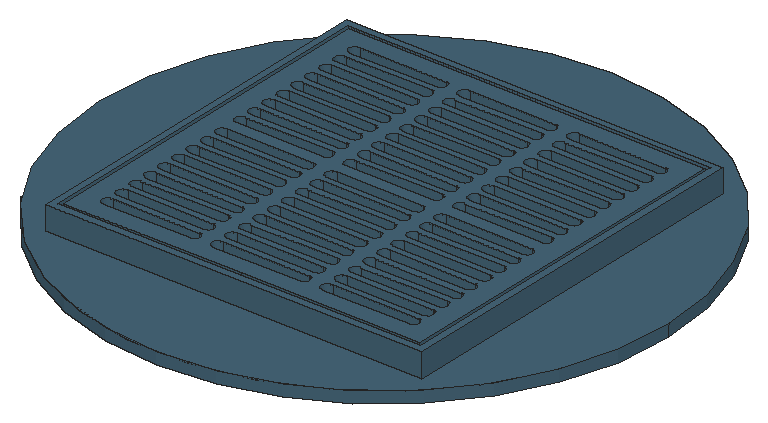
Revit family "Drain_Floor_Parking Deck_15_Inch_Diameter_Zurn-Z537-Heavy-Duty-1", category Plumbing Fixtures, Revit 2022
Family settings
  Round Connector Dimension = Use Radius
  Part Type = Normal
  OmniClass Number = 23.70.50.21.24.14
  OmniClass Title = Deck Waste Water Drains
  Work Plane-Based = No
  Always vertical = Yes
  Cut with Voids When Loaded = No
  Maintain Annotation Orientation = No
  Shared = No
  Room Calculation Point = No
Parameters (values of type "Load Family Type Catalog")
  ZN Height Difference = 0.188"
  Width = 24.000"  # constant formula
  Waste Connection = 1 = 1  # yes
  WFU = 0  # constant formula
  Vent Connection = 1 = 0  # no
  URL = "www.zurn.com"
  Type Comments = "Z537-2 Inch Neo-Loc Outlet"
  Top Diameter = 15.875"  # constant formula
  Product data URL = "https://www.bimobject.com/en-in/zurnindustries/product/zurn-z537"
  Product Page URL = "https://www.zurn.com/products/drainage-interceptors/floor-drains/parking-deck/z537"
  Product Documentation Link = "https://files.zurn.com/spec-sheets/z537.pdf"
  Pipe Size_A Outer Diameter = 2.375"
  Modified Date = "11/28/2025"  # constant formula
  Model = "Z537"  # constant formula
  Manufacturer Brand = "Zurn"  # constant formula
  Manufacturer = "Zurn Water, LLC"  # constant formula
  Main Material = Iron - Zurn -Cast - Painted - Blue
  HWFU = 1  # constant formula
  HW Connection = 1 = 0  # no
  Grate Open Area Sq.in = 79.000"  # constant formula
  Frame Height = 1.500"
  Frame & Grate = Iron - Zurn -Cast - Painted - Blue
  Description = "15-7/8 [403] SQUARE TOP HEAVY-DUTY PARKING DECK DRAIN W/ SUPPORT FLANGE"  # constant formula
  Date Created = "11/13/2018"  # constant formula
  CWFU = 1  # constant formula
  CW Connection = 1 = 0  # no
  Body Height_E = 4.625"
  Default Elevation = 0.000"
  Pipe Size_A Inside Diameter = 2.067"
  Connector Radius = Pipe Size_A Nominal Diameter / 2  # 1.000"
  Pipe Size_A Nominal Diameter = 2.000"
  Assembly Code = "D2030300"
  Approx. Wt. Lbs. = 122.000"
Reference planes (in)
  plane 1 "Center (Front/Back)": y = 0
  plane 2: z = 0
  plane 3 "Center (Left/Right)": x = 0
  plane 4: z = -4.39251
  plane 5: x = 12
  plane 6: x = -12
  plane 7: z = -1
  plane 8: z = -1.5
  plane 9: z = -6.125
  plane 10: x = 7.9375
  plane 11: x = -7.9375
  plane 12: y = -7.9375
  plane 13: y = 7.9375
  plane 14: x = -7.5
  plane 15: x = 7.5
  plane 16: y = -7.5
  plane 17: y = 7.5
  plane 18: x = 6.25
  plane 19 "Outlet Plane_1": x = -1.1875
  plane 20 "outlet Plane_2": x = 1.1875
  plane 21: y = 5.4375
  plane 22: y = 5
  plane 23: y = 2.5
  plane 24: y = -2.5
  plane 25: y = -5
  plane 26: y = -6.25
  plane 27: y = 3.75
  plane 28: y = 6.25
  plane 29: y = -3.75
  plane 30: y = 1.25
  plane 31: y = -1.25
  plane 32: y = 1.1875
  plane 33: y = -1.1875
  plane 34: x = -6.25
  plane 35: x = -5
  plane 36: x = -2.5
  plane 37: x = 0
  plane 38: x = 1.25
  plane 39: x = 3.75
  plane 40: x = 5
  plane 41: x = 2.5
  plane 42: x = -3.75
  plane 43: x = -1.25
Forms (in)
  Extrusion 1, solid, material "Iron - Zurn -Cast - Painted - Blue" <- "Frame & Grate", detail levels fine
    sketch origin (0, 0, 0) x (0, -1, 0) y (1, 0, 0)
      loop
        line (7.5, 7.5) -> (-7.5, 7.5) -> (-7.5, 0) -> (-7.5, -7.5) -> (7.5, -7.5) -> (7.5, 0) -> (7.5, 7.5)
      loop
        line (6.75, -6.43747) -> (6.75, -2.81247)
        arc (6.75, -2.81247) -> (6.5, -2.56247) -> (6.25, -2.81247) r 0.25
        line (6.25, -2.81247) -> (6.25, -6.43747)
        arc (6.25, -6.43747) -> (6.5, -6.68747) -> (6.75, -6.43747) r 0.25
      loop
        line (6.75, -1.8125) -> (6.75, 1.8125)
        arc (6.75, 1.8125) -> (6.5, 2.0625) -> (6.25, 1.8125) r 0.25
        line (6.25, 1.8125) -> (6.25, -1.8125)
        arc (6.25, -1.8125) -> (6.5, -2.0625) -> (6.75, -1.8125) r 0.25
      loop
        line (6.75, 2.81247) -> (6.75, 6.43747)
        arc (6.75, 6.43747) -> (6.5, 6.68747) -> (6.25, 6.43747) r 0.25
        line (6.25, 6.43747) -> (6.25, 2.81247)
        arc (6.25, 2.81247) -> (6.5, 2.56247) -> (6.75, 2.81247) r 0.25
      loop
        line (6, -6.43747) -> (6, -2.81247)
        arc (6, -2.81247) -> (5.75, -2.56247) -> (5.5, -2.81247) r 0.25
        line (5.5, -2.81247) -> (5.5, -6.43747)
        arc (5.5, -6.43747) -> (5.75, -6.68747) -> (6, -6.43747) r 0.25
      loop
        line (6, -1.8125) -> (6, 1.8125)
        arc (6, 1.8125) -> (5.75, 2.0625) -> (5.5, 1.8125) r 0.25
        line (5.5, 1.8125) -> (5.5, -1.8125)
        arc (5.5, -1.8125) -> (5.75, -2.0625) -> (6, -1.8125) r 0.25
      loop
        line (6, 2.81247) -> (6, 6.43747)
        arc (6, 6.43747) -> (5.75, 6.68747) -> (5.5, 6.43747) r 0.25
        line (5.5, 6.43747) -> (5.5, 2.81247)
        arc (5.5, 2.81247) -> (5.75, 2.56247) -> (6, 2.81247) r 0.25
      loop
        line (5.25, -6.43747) -> (5.25, -2.81247)
        arc (5.25, -2.81247) -> (5, -2.56247) -> (4.75, -2.81247) r 0.25
        line (4.75, -2.81247) -> (4.75, -6.43747)
        arc (4.75, -6.43747) -> (5, -6.68747) -> (5.25, -6.43747) r 0.25
      loop
        line (5.25, -1.8125) -> (5.25, 1.8125)
        arc (5.25, 1.8125) -> (5, 2.0625) -> (4.75, 1.8125) r 0.25
        line (4.75, 1.8125) -> (4.75, -1.8125)
        arc (4.75, -1.8125) -> (5, -2.0625) -> (5.25, -1.8125) r 0.25
      loop
        line (5.25, 2.81247) -> (5.25, 6.43747)
        arc (5.25, 6.43747) -> (5, 6.68747) -> (4.75, 6.43747) r 0.25
        line (4.75, 6.43747) -> (4.75, 2.81247)
        arc (4.75, 2.81247) -> (5, 2.56247) -> (5.25, 2.81247) r 0.25
      loop
        line (4.5, -6.43747) -> (4.5, -2.81247)
        arc (4.5, -2.81247) -> (4.25, -2.56247) -> (4, -2.81247) r 0.25
        line (4, -2.81247) -> (4, -6.43747)
        arc (4, -6.43747) -> (4.25, -6.68747) -> (4.5, -6.43747) r 0.25
      loop
        line (4.5, -1.8125) -> (4.5, 1.8125)
        arc (4.5, 1.8125) -> (4.25, 2.0625) -> (4, 1.8125) r 0.25
        line (4, 1.8125) -> (4, -1.8125)
        arc (4, -1.8125) -> (4.25, -2.0625) -> (4.5, -1.8125) r 0.25
      loop
        line (4.5, 2.81247) -> (4.5, 6.43747)
        arc (4.5, 6.43747) -> (4.25, 6.68747) -> (4, 6.43747) r 0.25
        line (4, 6.43747) -> (4, 2.81247)
        arc (4, 2.81247) -> (4.25, 2.56247) -> (4.5, 2.81247) r 0.25
      loop
        line (3.75, -6.43747) -> (3.75, -2.81247)
        arc (3.75, -2.81247) -> (3.5, -2.56247) -> (3.25, -2.81247) r 0.25
        line (3.25, -2.81247) -> (3.25, -6.43747)
        arc (3.25, -6.43747) -> (3.5, -6.68747) -> (3.75, -6.43747) r 0.25
      loop
        line (3.75, -1.8125) -> (3.75, 1.8125)
        arc (3.75, 1.8125) -> (3.5, 2.0625) -> (3.25, 1.8125) r 0.25
        line (3.25, 1.8125) -> (3.25, -1.8125)
        arc (3.25, -1.8125) -> (3.5, -2.0625) -> (3.75, -1.8125) r 0.25
      loop
        line (3.75, 2.81247) -> (3.75, 6.43747)
        arc (3.75, 6.43747) -> (3.5, 6.68747) -> (3.25, 6.43747) r 0.25
        line (3.25, 6.43747) -> (3.25, 2.81247)
        arc (3.25, 2.81247) -> (3.5, 2.56247) -> (3.75, 2.81247) r 0.25
      loop
        line (3, -6.43747) -> (3, -2.81247)
        arc (3, -2.81247) -> (2.75, -2.56247) -> (2.5, -2.81247) r 0.25
        line (2.5, -2.81247) -> (2.5, -6.43747)
        arc (2.5, -6.43747) -> (2.75, -6.68747) -> (3, -6.43747) r 0.25
      loop
        line (3, -1.8125) -> (3, 1.8125)
        arc (3, 1.8125) -> (2.75, 2.0625) -> (2.5, 1.8125) r 0.25
        line (2.5, 1.8125) -> (2.5, -1.8125)
        arc (2.5, -1.8125) -> (2.75, -2.0625) -> (3, -1.8125) r 0.25
      loop
        line (3, 2.81247) -> (3, 6.43747)
        arc (3, 6.43747) -> (2.75, 6.68747) -> (2.5, 6.43747) r 0.25
        line (2.5, 6.43747) -> (2.5, 2.81247)
        arc (2.5, 2.81247) -> (2.75, 2.56247) -> (3, 2.81247) r 0.25
      loop
        line (2.25, -6.43747) -> (2.25, -2.81247)
        arc (2.25, -2.81247) -> (2, -2.56247) -> (1.75, -2.81247) r 0.25
        line (1.75, -2.81247) -> (1.75, -6.43747)
        arc (1.75, -6.43747) -> (2, -6.68747) -> (2.25, -6.43747) r 0.25
      loop
        line (2.25, -1.8125) -> (2.25, 1.8125)
        arc (2.25, 1.8125) -> (2, 2.0625) -> (1.75, 1.8125) r 0.25
        line (1.75, 1.8125) -> (1.75, -1.8125)
        arc (1.75, -1.8125) -> (2, -2.0625) -> (2.25, -1.8125) r 0.25
      loop
        line (2.25, 2.81247) -> (2.25, 6.43747)
        arc (2.25, 6.43747) -> (2, 6.68747) -> (1.75, 6.43747) r 0.25
        line (1.75, 6.43747) -> (1.75, 2.81247)
        arc (1.75, 2.81247) -> (2, 2.56247) -> (2.25, 2.81247) r 0.25
      loop
        line (1.5, -6.43747) -> (1.5, -2.81247)
        arc (1.5, -2.81247) -> (1.25, -2.56247) -> (1, -2.81247) r 0.25
        line (1, -2.81247) -> (1, -6.43747)
        arc (1, -6.43747) -> (1.25, -6.68747) -> (1.5, -6.43747) r 0.25
      loop
        line (1.5, -1.8125) -> (1.5, 1.8125)
        arc (1.5, 1.8125) -> (1.25, 2.0625) -> (1, 1.8125) r 0.25
        line (1, 1.8125) -> (1, -1.8125)
        arc (1, -1.8125) -> (1.25, -2.0625) -> (1.5, -1.8125) r 0.25
      loop
        line (1.5, 2.81247) -> (1.5, 6.43747)
        arc (1.5, 6.43747) -> (1.25, 6.68747) -> (1, 6.43747) r 0.25
        line (1, 6.43747) -> (1, 2.81247)
        arc (1, 2.81247) -> (1.25, 2.56247) -> (1.5, 2.81247) r 0.25
      loop
        line (0.75, -6.43747) -> (0.75, -2.81247)
        arc (0.75, -2.81247) -> (0.5, -2.56247) -> (0.25, -2.81247) r 0.25
        line (0.25, -2.81247) -> (0.25, -6.43747)
        arc (0.25, -6.43747) -> (0.5, -6.68747) -> (0.75, -6.43747) r 0.25
      loop
        line (0.75, -1.8125) -> (0.75, 1.8125)
        arc (0.75, 1.8125) -> (0.5, 2.0625) -> (0.25, 1.8125) r 0.25
        line (0.25, 1.8125) -> (0.25, -1.8125)
        arc (0.25, -1.8125) -> (0.5, -2.0625) -> (0.75, -1.8125) r 0.25
      loop
        line (0.75, 2.81247) -> (0.75, 6.43747)
        arc (0.75, 6.43747) -> (0.5, 6.68747) -> (0.25, 6.43747) r 0.25
        line (0.25, 6.43747) -> (0.25, 2.81247)
        arc (0.25, 2.81247) -> (0.5, 2.56247) -> (0.75, 2.81247) r 0.25
      loop
        arc (-6.75, -6.43747) -> (-6.5, -6.68747) -> (-6.25, -6.43747) r 0.25
        line (-6.25, -6.43747) -> (-6.25, -2.81247)
        arc (-6.25, -2.81247) -> (-6.5, -2.56247) -> (-6.75, -2.81247) r 0.25
        line (-6.75, -2.81247) -> (-6.75, -6.43747)
      loop
        arc (-6.75, -1.8125) -> (-6.5, -2.0625) -> (-6.25, -1.8125) r 0.25
        line (-6.25, -1.8125) -> (-6.25, 1.8125)
        arc (-6.25, 1.8125) -> (-6.5, 2.0625) -> (-6.75, 1.8125) r 0.25
        line (-6.75, 1.8125) -> (-6.75, -1.8125)
      loop
        arc (-6.75, 2.81247) -> (-6.5, 2.56247) -> (-6.25, 2.81247) r 0.25
        line (-6.25, 2.81247) -> (-6.25, 6.43747)
        arc (-6.25, 6.43747) -> (-6.5, 6.68747) -> (-6.75, 6.43747) r 0.25
        line (-6.75, 6.43747) -> (-6.75, 2.81247)
      loop
        arc (-6, -6.43747) -> (-5.75, -6.68747) -> (-5.5, -6.43747) r 0.25
        line (-5.5, -6.43747) -> (-5.5, -2.81247)
        arc (-5.5, -2.81247) -> (-5.75, -2.56247) -> (-6, -2.81247) r 0.25
        line (-6, -2.81247) -> (-6, -6.43747)
      loop
        arc (-6, -1.8125) -> (-5.75, -2.0625) -> (-5.5, -1.8125) r 0.25
        line (-5.5, -1.8125) -> (-5.5, 1.8125)
        arc (-5.5, 1.8125) -> (-5.75, 2.0625) -> (-6, 1.8125) r 0.25
        line (-6, 1.8125) -> (-6, -1.8125)
      loop
        arc (-6, 2.81247) -> (-5.75, 2.56247) -> (-5.5, 2.81247) r 0.25
        line (-5.5, 2.81247) -> (-5.5, 6.43747)
        arc (-5.5, 6.43747) -> (-5.75, 6.68747) -> (-6, 6.43747) r 0.25
        line (-6, 6.43747) -> (-6, 2.81247)
      loop
        arc (-5.25, -6.43747) -> (-5, -6.68747) -> (-4.75, -6.43747) r 0.25
        line (-4.75, -6.43747) -> (-4.75, -2.81247)
        arc (-4.75, -2.81247) -> (-5, -2.56247) -> (-5.25, -2.81247) r 0.25
        line (-5.25, -2.81247) -> (-5.25, -6.43747)
      loop
        arc (-5.25, -1.8125) -> (-5, -2.0625) -> (-4.75, -1.8125) r 0.25
        line (-4.75, -1.8125) -> (-4.75, 1.8125)
        arc (-4.75, 1.8125) -> (-5, 2.0625) -> (-5.25, 1.8125) r 0.25
        line (-5.25, 1.8125) -> (-5.25, -1.8125)
      loop
        arc (-5.25, 2.81247) -> (-5, 2.56247) -> (-4.75, 2.81247) r 0.25
        line (-4.75, 2.81247) -> (-4.75, 6.43747)
        arc (-4.75, 6.43747) -> (-5, 6.68747) -> (-5.25, 6.43747) r 0.25
        line (-5.25, 6.43747) -> (-5.25, 2.81247)
      loop
        arc (-4.5, -6.43747) -> (-4.25, -6.68747) -> (-4, -6.43747) r 0.25
        line (-4, -6.43747) -> (-4, -2.81247)
        arc (-4, -2.81247) -> (-4.25, -2.56247) -> (-4.5, -2.81247) r 0.25
        line (-4.5, -2.81247) -> (-4.5, -6.43747)
      loop
        arc (-4.5, -1.8125) -> (-4.25, -2.0625) -> (-4, -1.8125) r 0.25
        line (-4, -1.8125) -> (-4, 1.8125)
        arc (-4, 1.8125) -> (-4.25, 2.0625) -> (-4.5, 1.8125) r 0.25
        line (-4.5, 1.8125) -> (-4.5, -1.8125)
      loop
        arc (-4.5, 2.81247) -> (-4.25, 2.56247) -> (-4, 2.81247) r 0.25
        line (-4, 2.81247) -> (-4, 6.43747)
        arc (-4, 6.43747) -> (-4.25, 6.68747) -> (-4.5, 6.43747) r 0.25
        line (-4.5, 6.43747) -> (-4.5, 2.81247)
      loop
        arc (-3.75, -6.43747) -> (-3.5, -6.68747) -> (-3.25, -6.43747) r 0.25
        line (-3.25, -6.43747) -> (-3.25, -2.81247)
        arc (-3.25, -2.81247) -> (-3.5, -2.56247) -> (-3.75, -2.81247) r 0.25
        line (-3.75, -2.81247) -> (-3.75, -6.43747)
      loop
        arc (-3.75, -1.8125) -> (-3.5, -2.0625) -> (-3.25, -1.8125) r 0.25
        line (-3.25, -1.8125) -> (-3.25, 1.8125)
        arc (-3.25, 1.8125) -> (-3.5, 2.0625) -> (-3.75, 1.8125) r 0.25
        line (-3.75, 1.8125) -> (-3.75, -1.8125)
      loop
        arc (-3.75, 2.81247) -> (-3.5, 2.56247) -> (-3.25, 2.81247) r 0.25
        line (-3.25, 2.81247) -> (-3.25, 6.43747)
        arc (-3.25, 6.43747) -> (-3.5, 6.68747) -> (-3.75, 6.43747) r 0.25
        line (-3.75, 6.43747) -> (-3.75, 2.81247)
      loop
        arc (-3, -6.43747) -> (-2.75, -6.68747) -> (-2.5, -6.43747) r 0.25
        line (-2.5, -6.43747) -> (-2.5, -2.81247)
        arc (-2.5, -2.81247) -> (-2.75, -2.56247) -> (-3, -2.81247) r 0.25
        line (-3, -2.81247) -> (-3, -6.43747)
      loop
        arc (-3, -1.8125) -> (-2.75, -2.0625) -> (-2.5, -1.8125) r 0.25
        line (-2.5, -1.8125) -> (-2.5, 1.8125)
        arc (-2.5, 1.8125) -> (-2.75, 2.0625) -> (-3, 1.8125) r 0.25
        line (-3, 1.8125) -> (-3, -1.8125)
      loop
        arc (-3, 2.81247) -> (-2.75, 2.56247) -> (-2.5, 2.81247) r 0.25
        line (-2.5, 2.81247) -> (-2.5, 6.43747)
        arc (-2.5, 6.43747) -> (-2.75, 6.68747) -> (-3, 6.43747) r 0.25
        line (-3, 6.43747) -> (-3, 2.81247)
      loop
        arc (-2.25, -6.43747) -> (-2, -6.68747) -> (-1.75, -6.43747) r 0.25
        line (-1.75, -6.43747) -> (-1.75, -2.81247)
        arc (-1.75, -2.81247) -> (-2, -2.56247) -> (-2.25, -2.81247) r 0.25
        line (-2.25, -2.81247) -> (-2.25, -6.43747)
      loop
        arc (-2.25, -1.8125) -> (-2, -2.0625) -> (-1.75, -1.8125) r 0.25
        line (-1.75, -1.8125) -> (-1.75, 1.8125)
        arc (-1.75, 1.8125) -> (-2, 2.0625) -> (-2.25, 1.8125) r 0.25
        line (-2.25, 1.8125) -> (-2.25, -1.8125)
      loop
        arc (-2.25, 2.81247) -> (-2, 2.56247) -> (-1.75, 2.81247) r 0.25
        line (-1.75, 2.81247) -> (-1.75, 6.43747)
        arc (-1.75, 6.43747) -> (-2, 6.68747) -> (-2.25, 6.43747) r 0.25
        line (-2.25, 6.43747) -> (-2.25, 2.81247)
      loop
        arc (-1.5, -6.43747) -> (-1.25, -6.68747) -> (-1, -6.43747) r 0.25
        line (-1, -6.43747) -> (-1, -2.81247)
        arc (-1, -2.81247) -> (-1.25, -2.56247) -> (-1.5, -2.81247) r 0.25
        line (-1.5, -2.81247) -> (-1.5, -6.43747)
      loop
        arc (-1.5, -1.8125) -> (-1.25, -2.0625) -> (-1, -1.8125) r 0.25
        line (-1, -1.8125) -> (-1, 1.8125)
        arc (-1, 1.8125) -> (-1.25, 2.0625) -> (-1.5, 1.8125) r 0.25
        line (-1.5, 1.8125) -> (-1.5, -1.8125)
      loop
        arc (-1.5, 2.81247) -> (-1.25, 2.56247) -> (-1, 2.81247) r 0.25
        line (-1, 2.81247) -> (-1, 6.43747)
        arc (-1, 6.43747) -> (-1.25, 6.68747) -> (-1.5, 6.43747) r 0.25
        line (-1.5, 6.43747) -> (-1.5, 2.81247)
      loop
        arc (-0.75, -6.43747) -> (-0.5, -6.68747) -> (-0.25, -6.43747) r 0.25
        line (-0.25, -6.43747) -> (-0.25, -2.81247)
        arc (-0.25, -2.81247) -> (-0.5, -2.56247) -> (-0.75, -2.81247) r 0.25
        line (-0.75, -2.81247) -> (-0.75, -6.43747)
      loop
        arc (-0.75, -1.8125) -> (-0.5, -2.0625) -> (-0.25, -1.8125) r 0.25
        line (-0.25, -1.8125) -> (-0.25, 1.8125)
        arc (-0.25, 1.8125) -> (-0.5, 2.0625) -> (-0.75, 1.8125) r 0.25
        line (-0.75, 1.8125) -> (-0.75, -1.8125)
      loop
        arc (-0.75, 2.81247) -> (-0.5, 2.56247) -> (-0.25, 2.81247) r 0.25
        line (-0.25, 2.81247) -> (-0.25, 6.43747)
        arc (-0.25, 6.43747) -> (-0.5, 6.68747) -> (-0.75, 6.43747) r 0.25
        line (-0.75, 6.43747) -> (-0.75, 2.81247)
    from -1 to 0
  Extrusion 2, solid, material "Iron - Zurn -Cast - Painted - Blue" <- "Main Material", detail levels fine
    sketch origin (0, 0, 0) x (1, 0, 0) y (0, 1, 0)
      loop
        circle (0, 0) r 12
      loop
        circle (0, 0) r 6.75
    from -1.5 to -1
  Sweep 3, solid, material "Iron - Zurn -Cast - Painted - Blue" <- "Main Material", detail levels fine
    path origin (0, 0, 0) x (1, 0, 0) y (0, 1, 0)
      loop
        line (-7.5, 7.5) -> (-7.5, -7.5) -> (7.5, -7.5) -> (7.5, 7.5) -> (-7.5, 7.5)
    profile origin (-7.5, 0, 0) x (-1, 0, 0) y (0, 0, 1)
      loop
        line (0.15825, 0) -> (0.07031, -1) -> (0.4375, -1) -> (0.4375, 0) -> (0.15825, 0)
  Revolve 4, solid, material "Iron - Zurn -Cast - Painted - Blue" <- "Main Material", detail levels fine
    sketch origin (0, 0, 0) x (0, 1, 0) y (0, 0, 1)
      loop
        line (1.0332, -4.39251) -> (4.36057, -4.39251)
        arc (4.36057, -4.39251) -> (5.24703, -4.02533) -> (5.61421, -3.13886) r 1.25365
        line (5.61421, -3.13886) -> (5.65056, -2.08362)
        arc (5.65056, -2.08362) -> (5.86246, -1.91443) -> (6.11955, -1.82822) r 0.77817
        line (6.11955, -1.82822) -> (7.28358, -1.78965) -> (7.5, -1.78965) -> (7.5, -1.5) -> (7.43802, -1.5) -> (6.06044, -1.58751)
        arc (6.06044, -1.58751) -> (5.67976, -1.78769) -> (5.39294, -2.1082) r 1.21204
        line (5.39294, -2.1082) -> (5.38054, -2.95724)
        arc (5.38054, -2.95724) -> (5.03501, -3.79142) -> (4.20084, -4.13695) r 1.1797
        line (4.20084, -4.13695) -> (1.0332, -4.13695) -> (1, -4.13695) -> (1, -4.39251) -> (1.0332, -4.39251)
      axis (0, -4.39251) -> (0, -1.5)
    angle from 0 to 360
  Extrusion 5, solid, material "Iron - Zurn -Cast - Painted - Blue" <- "Main Material", detail levels fine
    sketch origin (-18.13183, -60, -6.125) x (-1, 0, 0) y (0, -1, 0)
      loop
        circle (-18.13183, -60) r 1.1875
      loop
        circle (-18.13183, -60) r 1.0335
    from 0 to 1.73249
Lines and regions (in)
  Masking region 1, detail levels fine
    outline origin (0, 0, 0) x (1, 0, 0) y (0, 1, 0)
      loop
        circle (0, 0) r 12
  model lines, detail levels coarse+medium
    curve 1: line (7.9375, 7.9375, 0) -> (-7.9375, 7.9375, 0)
    curve 2: line (7.9375, -7.9375, 0) -> (7.9375, 7.9375, 0)
    curve 3: line (0, -7.9375, 0) -> (7.9375, -7.9375, 0)
    curve 4: line (-7.9375, -7.9375, 0) -> (7.9375, -7.9375, 0)
    curve 5: line (-7.9375, 7.9375, 0) -> (-7.9375, -7.9375, 0)
    curve 6: line (0, 0, 0) -> (0, 0, -6.12106)
    curve 7: line (-7.5, 7.5, 0) -> (7.5, 7.5, 0)
    curve 8: line (-7.5, -7.5, 0) -> (-7.5, 7.5, 0)
    curve 9: line (7.5, -7.5, 0) -> (-7.5, -7.5, 0)
    curve 10: line (7.5, 7.5, 0) -> (7.5, -7.5, 0)
    curve 11: line (-1.1875, 0, -6.125) -> (1.1875, 0, -6.125)
    curve 12: line (-7.5, 6.25, 0) -> (7.5, 6.25, 0)
    curve 13: line (-7.5, 5, 0) -> (7.5, 5, 0)
    curve 14: line (-7.5, 3.75, 0) -> (7.5, 3.75, 0)
    curve 15: line (-7.5, 2.5, 0) -> (7.5, 2.5, 0)
    curve 16: line (-7.5, 1.25, 0) -> (7.5, 1.25, 0)
    curve 17: line (7.5, 0, 0) -> (-7.5, 0, 0)
    curve 18: line (-7.5, -1.25, 0) -> (7.5, -1.25, 0)
    curve 19: line (7.5, -2.5, 0) -> (-7.5, -2.5, 0)
    curve 20: line (-7.5, -3.75, 0) -> (7.5, -3.75, 0)
    curve 21: line (-7.5, -5, 0) -> (7.5, -5, 0)
    curve 22: line (-7.5, -6.25, 0) -> (7.5, -6.25, 0)
    curve 23: line (0, 1.1875, -6.125) -> (0, -1.1875, -6.125)
    curve 24: line (-6.25, 7.5, 0) -> (-6.25, -7.5, 0)
    curve 25: line (-5, -7.5, 0) -> (-5, 7.5, 0)
    curve 26: line (-3.75, 7.5, 0) -> (-3.75, -7.5, 0)
    curve 27: line (-2.5, 7.5, 0) -> (-2.5, -7.5, 0)
    curve 28: line (-1.25, 7.5, 0) -> (-1.25, -7.5, 0)
    curve 29: line (0, 7.5, 0) -> (0, -7.5, 0)
    curve 30: line (1.25, 7.5, 0) -> (1.25, -7.5, 0)
    curve 31: line (2.5, 7.5, 0) -> (2.5, -7.5, 0)
    curve 32: line (3.75, 7.5, 0) -> (3.75, -7.5, 0)
    curve 33: line (5, 7.5, 0) -> (5, -7.5, 0)
    curve 34: line (6.25, 7.5, 0) -> (6.25, -7.5, 0)
Dimensions and locks (in)
  locked: level to plane 4 at 4.39251
  plane 6 to plane 5 = 24.000"
  locked: plane 2 to plane 7 at 1
  "Frame Height": plane 2 to plane 8
  "Body Height_E": plane 8 to plane 9
  equal spacing: plane 11, plane 3 "Center (Left/Right)", plane 10
  plane 10 to plane 11 = 15.875"
  equal spacing: plane 13, plane 1 "Center (Front/Back)", plane 12
  plane 13 to plane 12 = 15.875"
  plane 15 to plane 14 = 15.000"
  locked: plane 1 "Center (Front/Back)" to Revolve 4 sketch curve at 4.20084
  locked: curve 6 to Revolve 4 sketch curve at 4.36057
  "Connector Radius": curve 6 to Revolve 4 sketch curve
  equal spacing: plane 19 "Outlet Plane_1", plane 3 "Center (Left/Right)", plane 20 "outlet Plane_2"
  "Pipe Size_A Outer Diameter": plane 19 "Outlet Plane_1" to plane 20 "outlet Plane_2"
  equal spacing: plane 17, plane 28, plane 22, plane 27, plane 23, plane 30, plane 1 "Center (Front/Back)", plane 31, plane 24, plane 29, plane 25, plane 26, plane 16, locked at 1.25 each
  equal spacing: plane 33, plane 1 "Center (Front/Back)", plane 32
  "Pipe Size_A Outer Diameter": plane 33 to plane 32
  equal spacing: plane 14, plane 34, plane 35, plane 42, plane 36, plane 43, plane 37, plane 38, plane 41, plane 39, plane 40, plane 18, plane 15
  radius of Extrusion 2 sketch curve = 12.000"
  "Pipe Size_A Outer Diameter": diameter of Extrusion 5 sketch curve
  "Pipe Size_A Inside Diameter": diameter of Extrusion 5 sketch curve
  radius of Extrusion 2 = 12.000"
  aligned and locked: level to plane 2
  aligned and locked: Extrusion 1 to Extrusion 2
  aligned and locked: level to curve 6
  aligned and locked: Sweep 3 sketch curve to Extrusion 1
  aligned and locked: plane 14 to Sweep 3 sketch curve
  aligned and locked: Sweep 3 sketch curve to plane 16
  aligned and locked: plane 15 to Sweep 3 sketch curve
  aligned and locked: plane 4 to Extrusion 5
  aligned and locked: plane 19 "Outlet Plane_1" to curve 11
  aligned and locked: plane 20 "outlet Plane_2" to curve 11
  aligned and locked: plane 1 "Center (Front/Back)" to curve 11
  aligned and locked: curve 12 to plane 28
  aligned and locked: curve 13 to plane 22
  aligned and locked: curve 14 to plane 27
  aligned and locked: curve 15 to plane 23
  aligned and locked: curve 16 to plane 30
  aligned and locked: curve 17 to plane 1 "Center (Front/Back)"
  aligned and locked: curve 18 to plane 31
  aligned and locked: plane 24 to curve 19
  aligned and locked: curve 20 to plane 29
  aligned and locked: curve 21 to plane 25
  aligned and locked: curve 9 to plane 16
  aligned and locked: curve 22 to plane 26
  aligned and locked: plane 32 to curve 23
  aligned and locked: plane 33 to curve 23
  aligned and locked: curve 23 to plane 3 "Center (Left/Right)"
  aligned and locked: Extrusion 2 to plane 8
  aligned and locked: curve 7 to curve 26
  aligned and locked: plane 12 to curve 4
  aligned and locked: plane 14 to curve 8
  aligned and locked: curve 24 to plane 34
  aligned and locked: plane 35 to curve 25
  aligned and locked: curve 26 to plane 42
  aligned and locked: curve 27 to plane 36
  aligned and locked: curve 28 to plane 43
  aligned and locked: curve 29 to plane 37
  aligned and locked: curve 30 to plane 38
  aligned and locked: curve 31 to plane 41
  aligned and locked: curve 32 to plane 39
  aligned and locked: curve 33 to plane 40
  aligned and locked: plane 18 to curve 34
  aligned and locked: plane 15 to curve 10
Automatic sketch dimensions
  Extrusion 1 sketch curve to plane 3 "Center (Left/Right)" = 0.000"  (x2)
  Extrusion 1 sketch curve to plane 1 "Center (Front/Back)" = 7.500"
  Extrusion 1 sketch curve to Extrusion 1 sketch curve = 0.750"  (x3)
  Extrusion 1 sketch curve to Extrusion 1 sketch curve = 0.000"  (x87)
  Extrusion 1 sketch curve to Extrusion 1 sketch curve = 0.250"  (x102)
  plane 1 "Center (Front/Back)" to Extrusion 1 sketch curve = 0.250"  (x3)
  Extrusion 1 sketch curve to plane 3 "Center (Left/Right)" = 1.8125"  (x4)
  Extrusion 1 sketch curve to Extrusion 1 sketch curve = 0.99997"  (x10)
  Extrusion 1 sketch curve to Extrusion 1 sketch curve = 3.625"  (x4)
  Extrusion 1 sketch curve to Extrusion 1 sketch curve = 1.06253"  (x2)
  plane 3 "Center (Left/Right)" to Extrusion 1 sketch curve = 1.8125"  (x4)
  curve 6 to plane 1 "Center (Front/Back)" = 0.000"
  plane 9 to curve 6 = 0.00394"
  Sweep 3 sketch curve to level = 0.000"
  Sweep 3 sketch curve to profile plane = 0.07031"
  Sweep 3 sketch curve to profile plane = 0.15825"
  Sweep 3 sketch curve to Sweep 3 sketch curve = 0.27925"
  Sweep 3 sketch curve to level = 1.000"
  Extrusion 2 sketch curve to Extrusion 2 sketch curve = 0.000"  (x2)
  plane 1 "Center (Front/Back)" to Extrusion 2 sketch curve = 0.000"
  Extrusion 2 sketch curve to plane 3 "Center (Left/Right)" = 0.000"
  curve 12 to plane 14 = 0.000"
  curve 17 to plane 14 = 0.000"
  curve 13 to plane 14 = 0.000"
  curve 19 to plane 14 = 0.000"
  curve 14 to plane 14 = 0.000"
  curve 22 to plane 14 = 0.000"
  curve 15 to plane 14 = 0.000"
  curve 21 to plane 14 = 0.000"
  curve 16 to plane 14 = 0.000"
  curve 20 to plane 14 = 0.000"
  curve 18 to plane 14 = 0.000"
  plane 16 to curve 24 = 0.000"
  plane 16 to curve 25 = 0.000"
  plane 16 to curve 26 = 0.000"
  plane 16 to curve 27 = 0.000"
  curve 28 to plane 17 = 0.000"
  plane 16 to curve 30 = 0.000"
  curve 31 to plane 17 = 0.000"
  plane 16 to curve 32 = 0.000"
  plane 16 to curve 33 = 0.000"
  curve 34 to plane 17 = 0.000"
  curve 12 to plane 15 = 0.000"
  curve 13 to plane 15 = 0.000"
  curve 22 to plane 15 = 0.000"
  curve 14 to plane 15 = 0.000"
  curve 21 to plane 15 = 0.000"
  curve 15 to plane 15 = 0.000"
  curve 20 to plane 15 = 0.000"
  curve 16 to plane 15 = 0.000"
  curve 17 to plane 15 = 0.000"
  curve 19 to plane 15 = 0.000"
  curve 18 to plane 15 = 0.000"
  plane 16 to curve 34 = 0.000"
  plane 16 to curve 28 = 0.000"
  plane 16 to curve 31 = 0.000"
  plane 16 to curve 29 = 0.000"
  curve 29 to plane 17 = 0.000"
  curve 30 to plane 17 = 0.000"
  curve 27 to plane 17 = 0.000"
  curve 32 to plane 17 = 0.000"
  curve 26 to plane 17 = 0.000"
  curve 33 to plane 17 = 0.000"
  curve 25 to plane 17 = 0.000"
  curve 24 to plane 17 = 0.000"
  curve 5 to plane 11 = 0.000"
  curve 3 to plane 3 "Center (Left/Right)" = 0.000"
  curve 1 to plane 13 = 0.000"
  curve 3 to plane 10 = 0.000"
  plane 1 "Center (Front/Back)" to Masking region 1 sketch curve = 0.000"
  Masking region 1 sketch curve to plane 3 "Center (Left/Right)" = 0.000"
  Revolve 4 sketch curve to plane 1 "Center (Front/Back)" = 0.000"
  Revolve 4 sketch curve to plane 4 = 0.000"
  Revolve 4 sketch curve to plane 8 = 0.000"
  Revolve 4 sketch curve to plane 17 = 0.000"
  Revolve 4 sketch curve to Revolve 4 sketch curve = 0.0332"  (x2)
  plane 21 to Revolve 4 sketch curve = 0.05696"
  plane 21 to Revolve 4 sketch curve = 0.04456"
  Revolve 4 sketch curve to plane 21 = 0.17671"
  Revolve 4 sketch curve to plane 21 = 0.21306"
  Revolve 4 sketch curve to plane 8 = 0.08751"
  Revolve 4 sketch curve to plane 28 = 0.18956"
  Revolve 4 sketch curve to plane 28 = 0.13045"
  Revolve 4 sketch curve to plane 28 = 0.01538"
  plane 28 to Revolve 4 sketch curve = 0.17523"
  Revolve 4 sketch curve to Revolve 4 sketch curve = 0.21642"
  Revolve 4 sketch curve to Revolve 4 sketch curve = 0.06198"
  Revolve 4 sketch curve to Revolve 4 sketch curve = 0.25556"
  Revolve 4 sketch curve to Revolve 4 sketch curve = 0.39551"
  Revolve 4 sketch curve to Revolve 4 sketch curve = 0.14552"
  Revolve 4 sketch curve to Revolve 4 sketch curve = 0.02459"
  Revolve 4 sketch curve to Revolve 4 sketch curve = 0.28965"
  Revolve 4 sketch curve to plane 8 = 0.8209"
  level to Revolve 4 sketch curve = 2.4291"
  Extrusion 5 sketch curve to Extrusion 5 sketch curve = 0.000"  (x2)
  plane 1 "Center (Front/Back)" to Extrusion 5 sketch curve = 0.000"
  Extrusion 5 sketch curve to plane 3 "Center (Left/Right)" = 0.000"
  radius of Extrusion 2 sketch curve = 6.750"
  radius of Masking region 1 sketch curve = 12.000"
Connectors (in)
  piping at (0, 0, -6.125), diameter 2, driven by "Connector Radius", driven by "Waste Connection"
    settings: on Extrusion 5, index 1, connector inside diameter 609.6 mm, connector length 0.000", flow factor 0, pipe flow 0.0 L/s, pressure drop 0.0 Pa, fitting loss kfactor 0, connector angle 0.00°, fixture units 0, engagement length 0.000", angle of deflection 0.00°, flow configuration 0, flow direction 2, fitting loss method 0, system type 16, joint type 0, gender type 0, connector reference index -1, connector utility 1, adjustable connector no, is connector primary yes, connector description "Sanitary Outlet"
